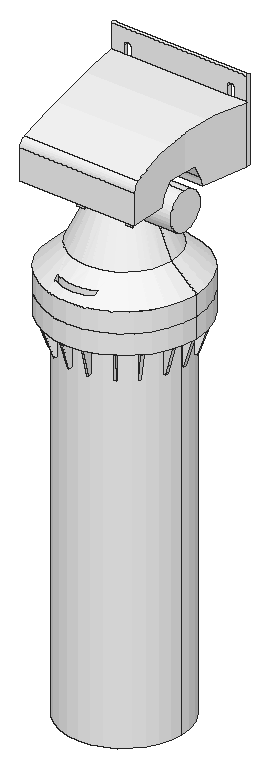
Revit family "QF-Remote_Cartridge-OptiPure-CTO-Q10CR", category Specialty Equipment, Revit 2017
Family settings
  Round Connector Dimension = Use Diameter
  Part Type = Normal
  OmniClass Number = 23.40.40.14
  OmniClass Title = Food Service Equipment
  Work Plane-Based = No
  Always vertical = Yes
  Cut with Voids When Loaded = No
  Shared = No
  Room Calculation Point = No
Parameters (values of type "CTO-QCR")
  Width = 3.9375"
  URL = "WWW.OPTIPUREWATER.COM"
  Model = "CTO-QCR"
  Material = White Plastic
  Manufacturer = "OPTIPURE"
  Length = 3.9375"
  Keynote = "11400"
  Inlet Water Temperature Range = "35-100°F"
  Height = 15.4375"
  Filtered Water Out = 3/8"
  Filtered Water In = 3/8"
  Filtered Water Flow = 0.5 GPM
  Description = "REMOTE CARTRIDGE"
  Cold Water Minimum Pressure = 125.00 psi
  Cold Water Maximum Pressure = 10.00 psi
  Assembly Code = "E1090300"
Reference planes (in)
  plane 1 "Center (Front/Back)": y = 0
  plane 2: z = 0
  plane 3 "Center (Left/Right)": x = 0
  plane 4: z = 15.4375
  plane 5: x = -1.96875
  plane 6: x = 1.96875
  plane 7: y = 1.96875
  plane 8: y = -1.96875
Forms (in)
  Extrusion 1, solid, material "White Plastic" <- "Material", not visible
    sketch origin (-20.22984, -5.28496, 48) x (-0.185948, 0.98256, 0) y (0, 0, 1)
      loop
        line (-2.39192, -32.13258) -> (-2.13855, -32.86842) -> (-2.01901, -32.86842) -> (-2.01901, -32.13258) -> (-2.39192, -32.13258)
    from 5.99764 to 6.052
  Revolve 2, solid, material "White Plastic" <- "Material"
    sketch origin (0.4645, 0, 3.7434) x (1, 0, 0) y (0, 0, 1)
      loop
        line (-0.4645, -3.7434) -> (1.10652, -3.7434) -> (1.10652, 6.09883) -> (1.50425, 6.09883) -> (1.50425, 6.6316) -> (-0.4645, 6.6316) -> (-0.4645, -3.7434)
      axis (-0.4645, -3.7434) -> (-0.4645, 6.6316)
    angle from 0 to 360
  Revolve 3, solid, material "White Plastic" <- "Material"
    sketch origin (0.4645, 0, 14.1184) x (1, 0, 0) y (0, 0, 1)
      loop
        line (-0.4645, -3.7434) -> (1.50425, -3.7434) -> (1.50425, -3.21063) -> (0.84277, -2.60115) -> (0.31653, -1.52219)
        arc (0.31653, -1.52219) -> (0.21208, -1.40618) -> (0.06202, -1.36316) r 0.28316
        line (0.06202, -1.36316) -> (-0.4645, -1.36316) -> (-0.4645, -3.7434)
      axis (-0.4645, -3.7434) -> (-0.4645, -1.36316)
    angle from 0 to 360
  Extrusion 4, solid, material "White Plastic" <- "Material", not visible
    sketch origin (-20.33299, -3.80138, 48) x (0.057278, 0.998358, 0) y (0, 0, 1)
      loop
        line (-2.39192, -32.13258) -> (-2.13855, -32.86842) -> (-2.01901, -32.86842) -> (-2.01901, -32.13258) -> (-2.39192, -32.13258)
    from 5.99764 to 6.052
  Extrusion 5, solid, material "White Plastic" <- "Material"
    sketch origin (-6.02209, -0.62897, 41.91172) x (-0.185948, 0.98256, 0) y (0, 0, 1)
      loop
        line (-2.39192, -32.13258) -> (-2.13855, -32.86842) -> (-2.01901, -32.86842) -> (-2.01901, -32.13258) -> (-2.39192, -32.13258)
    from 5.99764 to 6.052
  Extrusion 6, solid, material "White Plastic" <- "Material"
    sketch origin (-4.20889, -4.35275, 41.91172) x (-0.774022, 0.633159, 0) y (0, 0, 1)
      loop
        line (-2.39192, -32.13258) -> (-2.13855, -32.86842) -> (-2.01901, -32.86842) -> (-2.01901, -32.13258) -> (-2.39192, -32.13258)
    from 5.99764 to 6.052
  Extrusion 7, solid, material "White Plastic" <- "Material"
    sketch origin (-5.01749, 3.3891, 41.91172) x (0.489133, 0.872209, 0) y (0, 0, 1)
      loop
        line (-2.39192, -32.13258) -> (-2.13855, -32.86842) -> (-2.01901, -32.86842) -> (-2.01901, -32.13258) -> (-2.39192, -32.13258)
    from 5.99764 to 6.052
  Extrusion 8, solid, material "White Plastic" <- "Material"
    sketch origin (-1.66514, 5.82138, 41.91172) x (0.935343, 0.353743, 0) y (0, 0, 1)
      loop
        line (-2.39192, -32.13258) -> (-2.13855, -32.86842) -> (-2.01901, -32.86842) -> (-2.01901, -32.13258) -> (-2.39192, -32.13258)
    from 5.99764 to 6.052
  Extrusion 9, solid, material "White Plastic" <- "Material"
    sketch origin (2.46634, 5.52977, 41.91172) x (0.943896, -0.330244, 0) y (0, 0, 1)
      loop
        line (-2.39192, -32.13258) -> (-2.13855, -32.86842) -> (-2.01901, -32.86842) -> (-2.01901, -32.13258) -> (-2.39192, -32.13258)
    from 5.99764 to 6.052
  Extrusion 10, solid, material "White Plastic" <- "Material"
    sketch origin (5.44379, 2.65072, 41.91172) x (0.510789, -0.859706, 0) y (0, 0, 1)
      loop
        line (-2.39192, -32.13258) -> (-2.13855, -32.86842) -> (-2.01901, -32.86842) -> (-2.01901, -32.13258) -> (-2.39192, -32.13258)
    from 5.99764 to 6.052
  Extrusion 11, solid, material "White Plastic" <- "Material"
    sketch origin (5.87404, -1.46863, 41.91172) x (-0.161321, -0.986902, 0) y (0, 0, 1)
      loop
        line (-2.39192, -32.13258) -> (-2.13855, -32.86842) -> (-2.01901, -32.86842) -> (-2.01901, -32.13258) -> (-2.39192, -32.13258)
    from 5.99764 to 6.052
  Extrusion 12, solid, material "White Plastic" <- "Material"
    sketch origin (3.55575, -4.9008, 41.91172) x (-0.757948, -0.652316, 0) y (0, 0, 1)
      loop
        line (-2.39192, -32.13258) -> (-2.13855, -32.86842) -> (-2.01901, -32.86842) -> (-2.01901, -32.13258) -> (-2.39192, -32.13258)
    from 5.99764 to 6.052
  Extrusion 13, solid, material "White Plastic" <- "Material"
    sketch origin (-0.42631, -6.03982, 41.91172) x (-0.999922, -0.012503, 0) y (0, 0, 1)
      loop
        line (-2.39192, -32.13258) -> (-2.13855, -32.86842) -> (-2.01901, -32.86842) -> (-2.01901, -32.13258) -> (-2.39192, -32.13258)
    from 5.99764 to 6.052
  Extrusion 14, solid, material "White Plastic" <- "Material"
    sketch origin (-1.90526, -5.88379, 41.91172) x (-0.973245, 0.229771, 0) y (0, 0, 1)
      loop
        line (-2.39192, -32.13258) -> (-2.13855, -32.86842) -> (-2.01901, -32.86842) -> (-2.01901, -32.13258) -> (-2.39192, -32.13258)
    from 5.99764 to 6.052
  Extrusion 15, solid, material "White Plastic" <- "Material"
    sketch origin (-6.12524, 0.8546, 41.91172) x (0.057278, 0.998358, 0) y (0, 0, 1)
      loop
        line (-2.39192, -32.13258) -> (-2.13855, -32.86842) -> (-2.01901, -32.86842) -> (-2.01901, -32.13258) -> (-2.39192, -32.13258)
    from 5.99764 to 6.052
  Extrusion 16, solid, material "White Plastic" <- "Material"
    sketch origin (-5.24153, -3.28257, 41.91172) x (-0.597855, 0.801604, 0) y (0, 0, 1)
      loop
        line (-2.39192, -32.13258) -> (-2.13855, -32.86842) -> (-2.01901, -32.86842) -> (-2.01901, -32.13258) -> (-2.39192, -32.13258)
    from 5.99764 to 6.052
  Extrusion 17, solid, material "White Plastic" <- "Material"
    sketch origin (-4.14288, 4.59189, 41.91172) x (0.68561, 0.727969, 0) y (0, 0, 1)
      loop
        line (-2.39192, -32.13258) -> (-2.13855, -32.86842) -> (-2.01901, -32.86842) -> (-2.01901, -32.13258) -> (-2.39192, -32.13258)
    from 5.99764 to 6.052
  Extrusion 18, solid, material "White Plastic" <- "Material"
    sketch origin (-0.22202, 6.18059, 41.91172) x (0.993137, 0.116955, 0) y (0, 0, 1)
      loop
        line (-2.39192, -32.13258) -> (-2.13855, -32.86842) -> (-2.01901, -32.86842) -> (-2.01901, -32.13258) -> (-2.39192, -32.13258)
    from 5.99764 to 6.052
  Extrusion 19, solid, material "White Plastic" <- "Material"
    sketch origin (3.80273, 4.87731, 41.91172) x (0.835965, -0.548783, 0) y (0, 0, 1)
      loop
        line (-2.39192, -32.13258) -> (-2.13855, -32.86842) -> (-2.01901, -32.86842) -> (-2.01901, -32.13258) -> (-2.39192, -32.13258)
    from 5.99764 to 6.052
  Extrusion 20, solid, material "White Plastic" <- "Material"
    sketch origin (6.04814, 1.29189, 41.91172) x (0.287635, -0.95774, 0) y (0, 0, 1)
      loop
        line (-2.39192, -32.13258) -> (-2.13855, -32.86842) -> (-2.01901, -32.86842) -> (-2.01901, -32.13258) -> (-2.39192, -32.13258)
    from 5.99764 to 6.052
  Extrusion 21, solid, material "White Plastic" <- "Material"
    sketch origin (5.46355, -2.89802, 41.91172) x (-0.395282, -0.91856, 0) y (0, 0, 1)
      loop
        line (-2.39192, -32.13258) -> (-2.13855, -32.86842) -> (-2.01901, -32.86842) -> (-2.01901, -32.13258) -> (-2.39192, -32.13258)
    from 5.99764 to 6.052
  Extrusion 22, solid, material "White Plastic" <- "Material"
    sketch origin (2.32251, -5.73192, 41.91172) x (-0.893243, -0.449575, 0) y (0, 0, 1)
      loop
        line (-2.39192, -32.13258) -> (-2.13855, -32.86842) -> (-2.01901, -32.86842) -> (-2.01901, -32.13258) -> (-2.39192, -32.13258)
    from 5.99764 to 6.052
  Extrusion 23, solid, material "White Plastic" <- "Material"
    sketch origin (-1.96875, -180, 12.92106) x (0, 0, -1) y (0, -1, 0)
      loop
        line (-0.25158, -181.96875) -> (-0.25158, -180.65368)
        arc (-0.25158, -180.65368) -> (-0.38108, -180.62165) -> (-0.50235, -180.56605) r 0.71289
        line (-0.50235, -180.56605) -> (-0.80956, -180.38868) -> (-0.80956, -179.61132) -> (-0.50235, -179.43395)
        arc (-0.50235, -179.43395) -> (-0.38108, -179.37835) -> (-0.25158, -179.34632) r 0.71289
        line (-0.25158, -179.34632) -> (-0.25158, -178.3863) -> (-1.05877, -178.3863)
        arc (-1.05877, -178.3863) -> (-1.19219, -178.4263) -> (-1.28159, -178.53311) r 0.24249
        arc (-1.28159, -178.53311) -> (-1.76185, -180.17608) -> (-1.83371, -181.8863) r 7.0788
        line (-1.83371, -181.8863) -> (-2.47522, -181.8863)
        arc (-2.47522, -181.8863) -> (-2.51645, -181.92752) -> (-2.47522, -181.96875) r 0.04123
        line (-2.47522, -181.96875) -> (-0.25158, -181.96875)
    from -3.8125 to -0.11868
  Extrusion 24, solid, material "White Plastic" <- "Material"
    sketch origin (-1.96875, -180, 12.92106) x (0, 0, -1) y (0, -1, 0)
      loop
        circle (0.06773, -180) r 0.5
    from -3.625 to -0.3125
  Extrusion 25, solid, material "White Plastic" <- "Material"
    sketch origin (-1.96875, -180, 12.92106) x (0, 0, -1) y (0, -1, 0)
      loop
        arc (0.51175, -180.66156) -> (0.31771, -180.55217) -> (0.10143, -180.49886) r 0.82255
        arc (0.10143, -180.49886) -> (-0.00983, -180.49395) -> (-0.11724, -180.46453) r 0.5
        line (-0.11724, -180.46453) -> (-0.43227, -180.46453) -> (-0.43227, -179.53547) -> (-0.11724, -179.53547)
        arc (-0.11724, -179.53547) -> (-0.00983, -179.50605) -> (0.10143, -179.50114) r 0.5
        arc (0.10143, -179.50114) -> (0.31771, -179.44783) -> (0.51175, -179.33844) r 0.82255
        line (0.51175, -179.33844) -> (-0.14591, -179.33844)
        arc (-0.14591, -179.33844) -> (-0.33042, -179.36273) -> (-0.50235, -179.43395) r 0.71289
        line (-0.50235, -179.43395) -> (-0.80956, -179.61132) -> (-0.80956, -180.38868) -> (-0.50235, -180.56605)
        arc (-0.50235, -180.56605) -> (-0.33042, -180.63727) -> (-0.14591, -180.66156) r 0.71289
        line (-0.14591, -180.66156) -> (0.51175, -180.66156)
    from -2.73146 to -2.53396
  Extrusion 26, void
    sketch origin (-16.13807, -180, 15.4375) x (0, -1, 0) y (-1, 0, 0)
      loop
        line (-178.3863, -14.288) -> (-181.8863, -14.288)
        arc (-181.8863, -14.288) -> (-180.14684, -14.56019) -> (-178.3863, -14.57751) r 12.12087
        line (-178.3863, -14.57751) -> (-178.3863, -14.288)
      loop
        line (-178.3863, -17.98182) -> (-178.3863, -17.696)
        arc (-178.3863, -17.696) -> (-180.13292, -17.71346) -> (-181.8589, -17.98182) r 12.11953
        line (-181.8589, -17.98182) -> (-178.3863, -17.98182)
    from 0.60463 to 2.26486
  Extrusion 27, solid, material "White Plastic" <- "Material"
    sketch origin (1.96875, -180, 12.92106) x (0, 0, -1) y (0, 1, 0)
      loop
        line (0.51175, 180.66156) -> (-0.14591, 180.66156)
        arc (-0.14591, 180.66156) -> (-0.33042, 180.63727) -> (-0.50235, 180.56605) r 0.71289
        line (-0.50235, 180.56605) -> (-0.80956, 180.38868) -> (-0.80956, 179.61132) -> (-0.50235, 179.43395)
        arc (-0.50235, 179.43395) -> (-0.33042, 179.36273) -> (-0.14591, 179.33844) r 0.71289
        line (-0.14591, 179.33844) -> (0.51175, 179.33844)
        arc (0.51175, 179.33844) -> (0.31771, 179.44783) -> (0.10143, 179.50114) r 0.82255
        arc (0.10143, 179.50114) -> (-0.00983, 179.50605) -> (-0.11724, 179.53547) r 0.5
        line (-0.11724, 179.53547) -> (-0.43227, 179.53547) -> (-0.43227, 180.46453) -> (-0.11724, 180.46453)
        arc (-0.11724, 180.46453) -> (-0.00983, 180.49395) -> (0.10143, 180.49886) r 0.5
        arc (0.10143, 180.49886) -> (0.31771, 180.55217) -> (0.51175, 180.66156) r 0.82255
    from -2.73146 to -2.53396
  Extrusion 28, void
    sketch origin (-16.13807, -180, 10.375) x (0, -1, 0) y (-1, 0, 0)
      loop
        arc (-178.44353, -15.5626) -> (-178.31936, -16.12196) -> (-178.44353, -16.68133) r 1.32207
        line (-178.44353, -16.68133) -> (-178.33618, -16.68133)
        arc (-178.33618, -16.68133) -> (-178.21816, -16.12195) -> (-178.33634, -15.5626) r 1.38375
        line (-178.33634, -15.5626) -> (-178.44353, -15.5626)
      loop
        line (-181.55647, -15.5626) -> (-181.66366, -15.5626)
        arc (-181.66366, -15.5626) -> (-181.78184, -16.12195) -> (-181.66382, -16.68133) r 1.38375
        line (-181.66382, -16.68133) -> (-181.55647, -16.68133)
        arc (-181.55647, -16.68133) -> (-181.68064, -16.12196) -> (-181.55647, -15.5626) r 1.32207
    from -0.89115 to -0.4437
  Extrusion 29, void
    sketch origin (-1.96875, 1.8863, 10.90777) x (0, 0, -1) y (-1, 0, 0)
      loop
        line (-3.51741, -0.46419) -> (-4.07559, -0.46419)
        arc (-4.07559, -0.46419) -> (-4.16861, -0.55721) -> (-4.07559, -0.65022) r 0.09302
        line (-4.07559, -0.65022) -> (-3.51741, -0.65022)
        arc (-3.51741, -0.65022) -> (-3.42439, -0.55721) -> (-3.51741, -0.46419) r 0.09302
      loop
        arc (-3.51741, -3.47331) -> (-3.42439, -3.38029) -> (-3.51741, -3.28728) r 0.09302
        line (-3.51741, -3.28728) -> (-4.07559, -3.28728)
        arc (-4.07559, -3.28728) -> (-4.16861, -3.38029) -> (-4.07559, -3.47331) r 0.09302
        line (-4.07559, -3.47331) -> (-3.51741, -3.47331)
    from 0 to 0.21419
Cuts and joins
  Extrusion 26, Extrusion 28 cuts Revolve 2
  Extrusion 26, Extrusion 28 cuts Revolve 3
  joined: Revolve 3, Extrusion 24
  Extrusion 26 cuts Extrusion 6
  Extrusion 26 cuts Extrusion 8
  Extrusion 26 cuts Extrusion 9
  Extrusion 26 cuts Extrusion 13
  Extrusion 26 cuts Extrusion 14
  Extrusion 26 cuts Extrusion 17
  Extrusion 26 cuts Extrusion 18
  Extrusion 26 cuts Extrusion 22
  Extrusion 26, Extrusion 29 cuts Extrusion 23
Dimensions and locks (in)
  plane 4 to level = 15.4375"
  plane 5 to plane 6 = 3.9375"
  plane 7 to plane 8 = 3.9375"
  aligned and locked: plane 2 to level
Connectors (in)
  piping at (1.65625, 0, 12.85333), diameter 0.375, driven by "Filtered Water Out", driven by "Filtered Water Flow"
    settings: on cut or joined group of Revolve 3, Extrusion 24, Extrusion 26, Extrusion 28, index 1, connector inside diameter 24", connector length 0.00", flow factor 0, pipe flow 0.5 GPM, pressure drop 0.00 psi, fitting loss kfactor 0, connector angle 0.00°, fixture units 0, engagement length 0.00", angle of deflection 0.00°, flow configuration 2, flow direction 2, fitting loss method 0, system type 22, joint type 0, gender type 0, connector reference index -1, connector utility 0, adjustable connector no, is connector primary yes, connector description ""
  piping at (-1.65625, 0, 12.85333), diameter 0.375, driven by "Filtered Water In"
    settings: on cut or joined group of Revolve 3, Extrusion 24, Extrusion 26, Extrusion 28, index 2, connector inside diameter 24", connector length 0.00", flow factor 0, pipe flow 0 GPM, pressure drop 0.00 psi, fitting loss kfactor 0, connector angle 0.00°, fixture units 0, engagement length 0.00", angle of deflection 0.00°, flow configuration 2, flow direction 1, fitting loss method 0, system type 22, joint type 0, gender type 0, connector reference index -1, connector utility 0, adjustable connector no, is connector primary no, connector description ""
